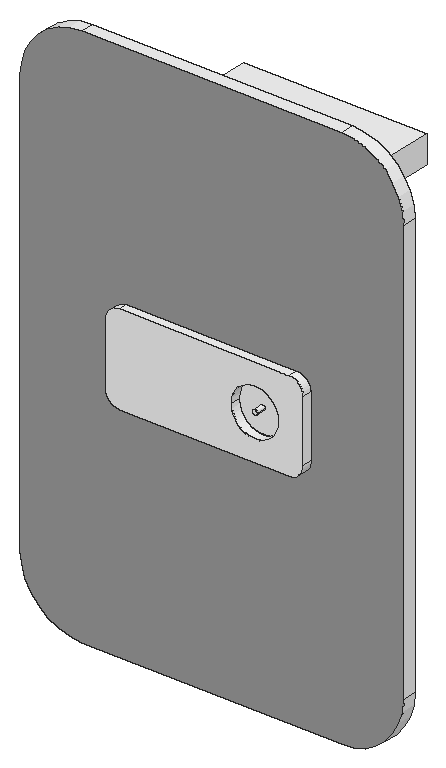
Revit family "EF_Veti-2x4-TV-Point", category Electrical Fixtures, Revit 2016
Family settings
  Maintain Annotation Orientation = No
  Part Type = Switch
  Round Connector Dimension = Use Diameter
  Work Plane-Based = No
  Always vertical = Yes
  Cut with Voids When Loaded = No
  Shared = No
  Room Calculation Point = No
Parameters (values of type "TV Point")
  Voltage_x = 20 V
  URL for TCP = "http://www.tcpbim.co.za"
  URL = "http://www.major-tech.com/15-veti"
  Type Comments = "Communication"
  Switch Voltage = Voltage_x  # 20 V
  TV Point Height [instance] = 1200 mm
  Materials [instance] = 0 mm
  Manufacturer = "VETI"
  Made by = "Tolani Civil Projects cc"
  Load = 2860 VA
  Description = "2x4 TV Point"
  Amperage = 0.3 A
Reference planes
  plane 1 "Center (Front/Back)": y = 0
  plane 2: z = 0
  plane 3 "Center (Left/Right)": x = 0
Forms (mm)
  Extrusion 1, solid, material "Plastic White"
    sketch origin (-181.105, 75, 0) x (1, 0, 0) y (0, 0, 1)
      loop
        arc (133.605, 1400) -> (117.695, 1393.41) -> (111.105, 1377.5) r 22.5
        line (111.105, 1377.5) -> (111.105, 1222.5)
        arc (111.105, 1222.5) -> (117.695, 1206.59) -> (133.605, 1200) r 22.5
        line (133.605, 1200) -> (228.605, 1200)
        arc (228.605, 1200) -> (244.515, 1206.59) -> (251.105, 1222.5) r 22.5
        line (251.105, 1222.5) -> (251.105, 1377.5)
        arc (251.105, 1377.5) -> (244.515, 1393.41) -> (228.605, 1400) r 22.5
        line (228.605, 1400) -> (133.605, 1400)
    from 75 to 80
  Extrusion 2, solid, material "Plastic White"
    sketch origin (-181.105, 0, 0) x (-1, 0, 0) y (0, 0, 1)
      loop
        line (-214.439, 1370) -> (-214.439, 1360) -> (-147.772, 1360) -> (-147.772, 1370) -> (-214.439, 1370)
    from 0 to 51.204
Cuts and joins
  joined: Extrusion 1, Extrusion 2
Dimensions and locks
  Extrusion 1 sketch curve to Extrusion 1 sketch curve = 200 mm
  Extrusion 2 sketch curve to Extrusion 2 sketch curve to Extrusion 1 = 10 mm, 30 mm
  Extrusion 2 sketch curve to Extrusion 2 sketch curve = 66.667 mm
  cut or joined group of Extrusion 1, Extrusion 2 to cut or joined group of Extrusion 1, Extrusion 2 = 200 mm
  cut or joined group of Extrusion 1, Extrusion 2 to cut or joined group of Extrusion 1, Extrusion 2 to cut or joined group of Extrusion 1, Extrusion 2 to cut or joined group of Extrusion 1, Extrusion 2 = 30 mm locked, 10 mm locked, 160 mm locked
  cut or joined group of Extrusion 1, Extrusion 2 to cut or joined group of Extrusion 1, Extrusion 2 to cut or joined group of Extrusion 1, Extrusion 2 = 51.204 mm locked, 5 mm locked
  locked: cut or joined group of Extrusion 1, Extrusion 2 to cut or joined group of Extrusion 1, Extrusion 2 at 66.667
  locked: cut or joined group of Extrusion 1, Extrusion 2 to plane 1 "Center (Front/Back)"
  plane 3 "Center (Left/Right)" to Extrusion 1 sketch curve = 70 mm
  cut or joined group of Extrusion 1, Extrusion 2 to nested 2 to nested 2 to cut or joined group of Extrusion 1, Extrusion 2 = 83.668 mm locked, 32.776 mm locked, 83.556 mm locked
  locked: nested 2 to plane 3 "Center (Left/Right)" at 35.989
  "TV Point Height": cut or joined group of Extrusion 1, Extrusion 2 to level
  aligned and locked: level to plane 2
  aligned and locked: nested 1 to plane 1 "Center (Front/Back)"
  aligned and locked: cut or joined group of Extrusion 1, Extrusion 2 to nested 2
Automatic sketch dimensions
  Extrusion 1 sketch curve to plane 3 "Center (Left/Right)" = 47.5 mm
  plane 3 "Center (Left/Right)" to Extrusion 1 sketch curve = 47.5 mm  (x2)
  level to Extrusion 1 sketch curve = 1200 mm
  Extrusion 1 sketch curve to Extrusion 1 sketch curve = 22.5 mm  (x2)
  Extrusion 2 sketch curve to Extrusion 1 = 36.667 mm  (x2)
Nested families
  nested 1: "Power Point Test 1" at (0, 0, 0) x (-1, 0, 0) z (0, 0, 1), type "Receptacle Symbol"
  nested 2: "tv point" at (-0.001, -5, 163.894), type "tv point"
Definition of nested family "tv point"
  Reference planes
    plane 1 "Center (Front/Back)": y = 0
    plane 2: z = 0
    plane 3 "Center (Left/Right)": x = 0
    plane 4 "Face": y = -3.514
    plane 5: z = 1136.051
  Forms (mm)
    Extrusion 1, solid
      sketch origin (-1.754, 2.672, -0.197) x (1, 0, 0) y (0, 0, 1)
        loop
          arc (-29.234, 1152.636) -> (-32.77, 1151.171) -> (-34.234, 1147.636) r 5
          line (-34.234, 1147.636) -> (-34.234, 1124.86)
          arc (-34.234, 1124.86) -> (-32.77, 1121.324) -> (-29.234, 1119.86) r 5
          line (-29.234, 1119.86) -> (32.741, 1119.86)
          arc (32.741, 1119.86) -> (36.277, 1121.324) -> (37.741, 1124.86) r 5
          line (37.741, 1124.86) -> (37.741, 1147.636)
          arc (37.741, 1147.636) -> (36.277, 1151.171) -> (32.741, 1152.636) r 5
          line (32.741, 1152.636) -> (-29.234, 1152.636)
      from 6.186 to -0.453
    Extrusion 2, void
      sketch origin (0, 0, 0) x (1, 0, 0) y (0, 0, 1)
        loop
          circle (18.594, 1136.051) r 8.71
        loop
          circle (18.594, 1136.051) r 0.844
      from 0 to 3.974
  Cuts and joins
    Extrusion 2 cuts Extrusion 1
  Lines and regions (mm)
    model lines
      curve 1: line (-19.91, -3.514, 1142.76) -> (-14.182, -3.514, 1142.76)
      curve 2: line (-23.91, -3.514, 1133.341) -> (-23.91, -3.514, 1138.76)
      curve 3: line (-14.182, -3.514, 1129.341) -> (-19.91, -3.514, 1129.341)
      curve 4: line (-10.182, -3.514, 1138.76) -> (-10.182, -3.514, 1133.341)
      curve 5: arc (-23.91, -3.514, 1138.76) -> (-22.738, -3.514, 1141.589) -> (-19.91, -3.514, 1142.76) r 4
      curve 6: arc (-14.182, -3.514, 1142.76) -> (-11.353, -3.514, 1141.589) -> (-10.182, -3.514, 1138.76) r 4
      curve 7: arc (-19.91, -3.514, 1129.341) -> (-22.738, -3.514, 1130.512) -> (-23.91, -3.514, 1133.341) r 4
      curve 8: arc (-10.182, -3.514, 1133.341) -> (-11.353, -3.514, 1130.512) -> (-14.182, -3.514, 1129.341) r 4
    symbolic lines
      curve 9: line (-17.046, -3.514, 1142.76) -> (-12.37, -3.514, 1147.436)
      curve 10: line (-17.046, -3.514, 1142.76) -> (-21.85, -3.514, 1147.565)
      curve 11: line (-20.114, -3.514, 1127.715) -> (-17.908, -3.514, 1127.715)
      curve 12: line (-19.011, -3.514, 1127.715) -> (-19.011, -3.514, 1126.215)
      curve 13: line (-16.86, -3.514, 1127.776) -> (-15.958, -3.514, 1126.215)
      curve 14: line (-15.958, -3.514, 1126.215) -> (-14.901, -3.514, 1127.725)
      curve 15: line (-13.278, -3.514, 1142.657) -> (-13.278, -3.514, 1129.444)
  Dimensions and locks
    aligned and locked: plane 2 to level
Definition of nested family "Power Point Test 1"
  Parameters
    Plug Point Height = 1200 mm
  Reference planes
    plane 1: y = 0
    plane 2: x = 0
  Lines and regions (mm)
    Filled region 1, type "Filled region 1"
      outline origin (0, 0, 0) x (1, 0, 0) y (0, 1, 0)
        loop
          line (0.005, 0.736) -> (0.005, 2.236)
          arc (0.005, 2.236) -> (-1.056, 1.797) -> (-1.495, 0.736) r 1.5
          line (-1.495, 0.736) -> (0.005, 0.736)
    detail lines
      curve 1: line (-0.442, -0.034, 0) -> (-0.442, 0.736, 0)
      curve 2: arc (1.505, 0.736, 0) -> (0.005, 2.236, 0) -> (-1.495, 0.736, 0) r 1.5
      curve 3: line (0.451, -0.034, 0) -> (0.451, 0.736, 0)
      curve 4: line (-1.495, 0.736, 0) -> (1.505, 0.736, 0)
      curve 5: line (0.005, 0.736, 0) -> (0.005, 2.236, 0)
      curve 6: line (1.065, 1.797, 0) -> (2.319, 3.05, 0)
      curve 7: line (1.699, 2.431, 0) -> (1.699, 3.404, 0)
      curve 8: line (1.699, 2.431, 0) -> (2.673, 2.431, 0)
  Text (mm)
    label "A" at (-2.189, 3.565, 0), shows "Plug Point Height"
    text "Tv" at (0.057, 1.89, 0)
  Dimensions and locks
    curve 1 to curve 3 = 0.893 mm
